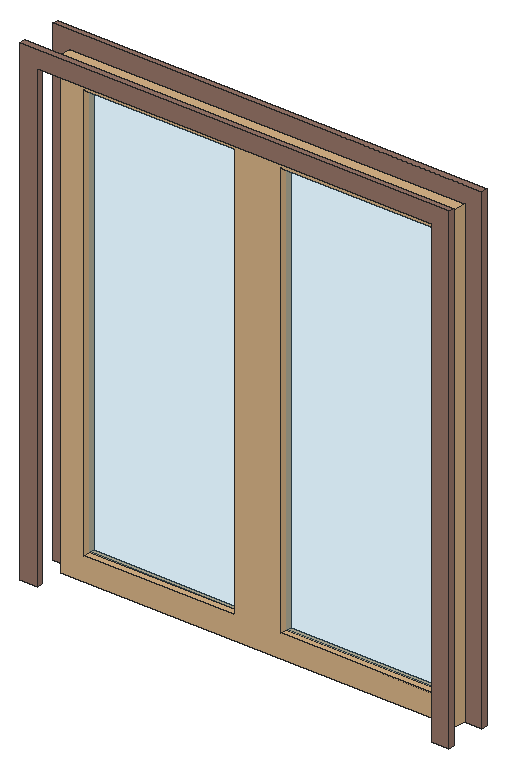
Revit family "Double-Glass 1", category Doors, host Wall, Revit 2016
Family settings
  Host = Wall
  Always vertical = Yes
  Cut with Voids When Loaded = No
  Shared = No
  Room Calculation Point = No
Parameters (values of type "68" x 80"")
  Thickness = 0' - 2"
  Function = Interior
  Assembly Code = "C1020"
  Door Material = Door - Panel
  Frame Material = Door - Frame
  Height = 6' - 8"
  Rail Width - Base = 0' - 4"
  Rail Width - Top = 0' - 4"
  Stile Width - Hinge = 0' - 4"
  Stile Width - Latch = 0' - 4"
  Trim Projection = 0' - 1"
  Trim Width = 0' - 3"
  Wall Closure = By host
  Width = 5' - 8"
  Analytic Construction = "<None>"
Reference planes (in)
  plane 1: y = 0
  plane 2: z = 0
  plane 3: x = 0
  plane 4: x = -34
  plane 5: x = 34
  plane 6: z = 80
  plane 7: z = 4
  plane 8: z = 76
Forms (in)
  Extrusion 1, solid, material "Door - Panel" <- "Door Material"
    sketch origin (0, 0, 0) x (1, 0, 0) y (0, 0, 1)
      loop
        line (-34, 80) -> (-34, 0) -> (34, 0) -> (34, 80) -> (-34, 80)
      loop
        line (-30, 76) -> (-30, 4) -> (-4, 4) -> (-4, 76) -> (-30, 76)
      loop
        line (4, 76) -> (4, 4) -> (30, 4) -> (30, 76) -> (4, 76)
    from -3.09375 to -1.09375
  Extrusion 2, solid, material "Glass"
    sketch origin (0, 0, 0) x (1, 0, 0) y (0, 0, 1)
      loop
        line (-4, 76) -> (-30, 76) -> (-30, 4) -> (-4, 4) -> (-4, 76)
    from -2.375 to -2.09375
  Extrusion 3, solid, material "Glass"
    sketch origin (0, 0, 0) x (1, 0, 0) y (0, 0, 1)
      loop
        line (4, 76) -> (4, 4) -> (30, 4) -> (30, 76) -> (4, 76)
    from -2.375 to -2.09375
  Extrusion 4, solid, material "Door - Frame" <- "Frame Material"
    sketch origin (-93.06215, 3.09375, 0) x (-1, 0, 0) y (0, 0, 1)
      loop
        line (-127.06215, 0) -> (-127.06215, 80) -> (-59.06215, 80) -> (-59.06215, 0) -> (-56.06215, 0) -> (-56.06215, 83) -> (-130.06215, 83) -> (-130.06215, 0) -> (-127.06215, 0)
    from 0 to 1
  Extrusion 5, solid, material "Door - Frame" <- "Frame Material"
    sketch origin (-93.06215, -2.90625, 0) x (1, 0, 0) y (0, 0, 1)
      loop
        line (127.06215, 0) -> (130.06215, 0) -> (130.06215, 83) -> (56.06215, 83) -> (56.06215, 0) -> (59.06215, 0) -> (59.06215, 80) -> (127.06215, 80) -> (127.06215, 0)
    from 0 to 1
Lines and regions (in)
  Opening 1
    outline origin (-60, -2.90625, 144) x (0, 0, -1) y (1, 0, 0)
      loop
        line (64, 26) -> (144, 26) -> (144, 94) -> (64, 94) -> (64, 26)
  symbolic lines, style "DoorsPanelProjection"
    curve 1: line (33.9952, 3.09375, 0) -> (32, 3.09375, 0)
    curve 2: line (33.9952, 3.09375, 0) -> (33.9952, 7.09375, 0)
    curve 3: line (33.9952, 37.09206, 0) -> (32, 37.09206, 0)
    curve 4: line (32, 3.09375, 0) -> (32, 7.09375, 0)
    curve 5: line (-34.02099, 3.09375, 0) -> (-31.99712, 3.09375, 0)
    curve 6: line (-34.02099, 3.09375, 0) -> (-34.02099, 7.09375, 0)
    curve 7: line (-34.02099, 37.09207, 0) -> (-31.99712, 37.09207, 0)
    curve 8: line (-31.99712, 3.09375, 0) -> (-31.99712, 7.09375, 0)
    curve 15: line (-34.02099, 33.09207, 0) -> (-31.99712, 33.09207, 0)
    curve 16: line (-34.02099, 7.09375, 0) -> (-31.99712, 7.09375, 0)
    curve 18: line (32, 33.09206, 0) -> (33.9952, 33.09206, 0)
    curve 19: line (33.9952, 7.09375, 0) -> (32, 7.09375, 0)
    curve 21: line (-34.02099, 33.09207, 0) -> (-34.02099, 37.09207, 0)
    curve 22: line (-31.99712, 33.09207, 0) -> (-31.99712, 37.09207, 0)
    curve 23: line (-31.99712, 7.09375, 0) -> (-31.99712, 33.09207, 0)
    curve 24: line (-34.02099, 7.09375, 0) -> (-34.02099, 33.09207, 0)
    curve 25: line (32, 33.09206, 0) -> (32, 37.09206, 0)
    curve 26: line (33.9952, 33.09206, 0) -> (33.9952, 37.09206, 0)
    curve 27: line (33.9952, 7.09375, 0) -> (33.9952, 33.09206, 0)
    curve 28: line (32, 7.09375, 0) -> (32, 33.09206, 0)
  symbolic lines, style "Plan Swing"
    curve 9: arc (-0.00254, 2.16269, 0) -> (-9.63261, 26.8167, 0) -> (-34.02099, 37.10091, 0) r 34.01012
    curve 10: arc (-0.00254, 2.16269, 0) -> (9.6194, 26.81003, 0) -> (33.9952, 37.10051, 0) r 34.00676
  model lines
    curve 11: line (0, 0, 80) -> (0, 0, 80)
    curve 12: line (0, 0, 80) -> (0, 0, 80)
    curve 13: line (0, 0, 80) -> (0, 0, 80)
    curve 14: line (0, 0, 80) -> (0, 0, 80)
    curve 30: line (0, 1.09375, 80) -> (0, 1.09375, 0)
  symbolic lines, style "DoorsGlassProjection"
    curve 17: line (-32.99856, 33.09207, 0) -> (-32.99856, 7.09375, 0)
    curve 20: line (33, 7.09375, 0) -> (33, 33.09206, 0)
  model lines, style "Plan Swing"
    curve 29: line (0, 3.09375, 80) -> (0, 3.09375, 0)
  symbolic lines, style "Elevation Swing"
    curve 31: line (0, 0, 80) -> (-34, 0, 40)
    curve 32: line (0, 0, 0) -> (-34, 0, 40)
    curve 33: line (0, 0, 80) -> (34, 0, 40)
    curve 34: line (34, 0, 40) -> (0, 0, 0)
Text (in)
  text "Exterior" at (-78.76614, 13.86463, 0), in view "Ground floor"
Dimensions and locks (in)
  equal spacing: plane 4, plane 3, plane 5
  "Width": plane 4 to plane 5
  host wall to curve 1 = 0' - 0"
  "Height": plane 6 to plane 2
  "Stile Width - Latch": curve 15 to curve 7
  "Stile Width - Hinge": host wall to curve 16
  "Stile Width - Latch": curve 3 to curve 18
  "Stile Width - Hinge": curve 19 to host wall
  plane 2 to plane 6 = 6' - 8"
  "Trim Width": Extrusion 4 sketch curve to Extrusion 1  (x2)
  "Trim Width": Extrusion 4 sketch curve to plane 6
  "Trim Projection": Extrusion 4 to host wall
  "Trim Width": Extrusion 5 sketch curve to plane 5
  "Trim Width": Extrusion 5 sketch curve to plane 4
  "Trim Width": Extrusion 5 sketch curve to plane 6
  "Trim Projection": Extrusion 5 to Extrusion 5
  "Thickness": Extrusion 1 to host wall
  "Rail Width - Base": plane 2 to plane 7
  "Rail Width - Top": plane 8 to plane 6
  locked: host wall to Extrusion 2 at 0.71875
  host wall to Extrusion 3 = 0' - 0 23/32"
  locked: Extrusion 3 to Extrusion 3 at 0.28125
  equal spacing: level, curve 34, plane 6
  equal spacing: level, curve 32, plane 6
  aligned and locked: Extrusion 2 to Extrusion 3  (x2)
  aligned and locked: Extrusion 4 sketch curve to curve 1
  aligned and locked: plane 6 to Extrusion 4 sketch curve  (x2)
  aligned and locked: curve 5 to Extrusion 4 sketch curve
  aligned and locked: plane 2 to Extrusion 4 sketch curve
  aligned and locked: level to Extrusion 4 sketch curve
  aligned and locked: Extrusion 4 to host wall
  aligned and locked: Extrusion 5 sketch curve to curve 1
  aligned and locked: level to Extrusion 5 sketch curve
  aligned and locked: plane 2 to Extrusion 5 sketch curve
  aligned and locked: curve 5 to Extrusion 5 sketch curve
  aligned and locked: plane 6 to Extrusion 5 sketch curve  (x2)
  aligned and locked: plane 5 to Extrusion 5 sketch curve
  aligned and locked: host wall to Extrusion 1
Automatic sketch dimensions
  Opening 1 sketch curve to plane 6 = 0' - 0"
  Opening 1 sketch curve to level = 0' - 0"
  Opening 1 sketch curve to plane 4 = 0' - 0"
  Opening 1 sketch curve to plane 5 = 0' - 0"
  Extrusion 4 sketch curve to plane 5 = 0' - 0"
  Extrusion 4 sketch curve to plane 4 = 0' - 0"
  Extrusion 5 sketch curve to plane 4 = 0' - 0"
  Extrusion 1 sketch curve to plane 4 = 0' - 0"
  Extrusion 1 sketch curve to plane 5 = 0' - 0"
  Extrusion 1 sketch curve to level = 0' - 0"
  Extrusion 1 sketch curve to plane 6 = 0' - 0"
  Extrusion 2 sketch curve to plane 7 = 0' - 0"
  Extrusion 2 sketch curve to plane 8 = 0' - 0"
  Extrusion 3 sketch curve to plane 7 = 0' - 0"
  Extrusion 3 sketch curve to plane 8 = 0' - 0"
  curve 9 to plane 4 = 0' - 0"
  plane 4 to curve 7 = 0' - 0.02099"
  plane 4 to curve 9 = 0' - 0.02099"
  curve 17 to plane 4 = 0' - 1.00144"
  curve 17 to curve 8 = 0' - 1.00144"
  curve 9 to plane 3 = 0' - 0.00254"
  plane 5 to curve 4 = 0' - 2"
  plane 5 to curve 20 = 0' - 1"
  plane 5 to curve 10 = 0' - 0.00853"
  plane 5 to curve 26 = 0' - 0.0048"
  plane 5 to curve 10 = 0' - 0.0048"
  curve 5 to curve 6 = 0' - 4"
  curve 10 to curve 1 = 0' - 0"
  curve 22 to curve 9 = 0' - 4.00884"
  curve 18 to curve 10 = 0' - 4.00845"
  plane 5 to Extrusion 1 sketch curve = 0' - 4"
  plane 5 to Extrusion 3 sketch curve = 0' - 4"
  Extrusion 1 sketch curve to plane 7 = 0' - 0"  (x2)
  Extrusion 1 sketch curve to plane 8 = 0' - 0"  (x2)
  Extrusion 1 sketch curve to plane 4 = 0' - 4"
  Extrusion 2 sketch curve to plane 4 = 0' - 4"
  plane 3 to Extrusion 1 sketch curve = 0' - 4"
  plane 3 to Extrusion 3 sketch curve = 0' - 4"
  Extrusion 1 sketch curve to plane 3 = 0' - 4"
  Extrusion 2 sketch curve to plane 3 = 0' - 4"
  curve 9 to curve 6 = 0' - 0.00296"
  curve 9 to plane 1 = 0' - 2.16269"
  curve 11 to plane 3 = 0' - 0"  (x2)
  curve 11 to plane 6 = 0' - 0"  (x2)
  curve 12 to plane 3 = 0' - 0"
  curve 12 to plane 6 = 0' - 0"
  curve 13 to plane 3 = 0' - 0"
  curve 13 to plane 6 = 0' - 0"
  curve 29 to plane 3 = 0' - 0"
  curve 29 to plane 6 = 0' - 0"
  curve 33 to plane 3 = 0' - 0"
  curve 33 to plane 6 = 0' - 0"
  curve 30 to plane 3 = 0' - 0"
  curve 30 to plane 6 = 0' - 0"
  curve 31 to plane 4 = 0' - 0"
  curve 33 to plane 5 = 0' - 0"
  curve 29 to level = 0' - 0"
  curve 34 to level = 0' - 0"
  curve 30 to level = 0' - 0"
  curve 32 to plane 3 = 0' - 0"
